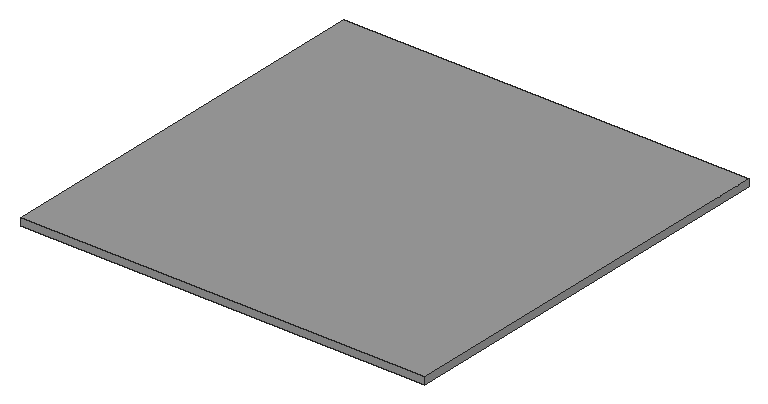
Revit family "BK-BK Inverted Roof 70mm Family", category Generic Models, host Floor, Revit 2017
Family settings
  Host = Floor
  Can host rebar = No
  Round Connector Dimension = Use Diameter
  Part Type = Normal
  Always vertical = Yes
  Cut with Voids When Loaded = No
  Shared = No
  Room Calculation Point = No
Parameters (values of type "Lambdaboard")
  Width = 4000 mm
  URL = "www.rigifoam.com"
  Type Comments = "duncan@rigifoam.com"
  Thermal Resistance = 2.9200 (m²·K)/W
  Thermal Conductivity = 0.0240 W/(m·K)
  Model = "BK/BK Inverted Roof 70mm"
  Material = Polyisocyanurate
  Manufacturer = "Lambdaboard"
  Length = 4000 mm
  Slab Thickness = 300 mm
  Description = "Flexible PIR Insulation"
  Depth = 70 mm
  Density = 40.0000 kg/m³
Reference planes
  plane 1 "Center (Front/Back)": y = 0
  plane 2: z = 0
  plane 3 "Center (Left/Right)": x = 0
Forms (mm)
  Extrusion 1, solid, material "Polyisocyanurate" <- "Material"
    sketch origin (0, 0, 0) x (1, 0, 0) y (0, 1, 0)
      loop
        line (-2000, 2000) -> (-2000, -2000) -> (2000, -2000) -> (2000, 2000) -> (-2000, 2000)
    from -300 to -370
Dimensions and locks
  "Depth": Extrusion 1 to Extrusion 1
  "Length": Extrusion 1 to Extrusion 1
  "Width": Extrusion 1 to Extrusion 1
  "Slab Thickness": plane 2 to Extrusion 1
  aligned and locked: level to plane 2
Automatic sketch dimensions
  Extrusion 1 sketch curve to plane 3 "Center (Left/Right)" = 2000 mm
  plane 3 "Center (Left/Right)" to Extrusion 1 sketch curve = 2000 mm
  plane 1 "Center (Front/Back)" to Extrusion 1 sketch curve = 2000 mm
  Extrusion 1 sketch curve to plane 1 "Center (Front/Back)" = 2000 mm
